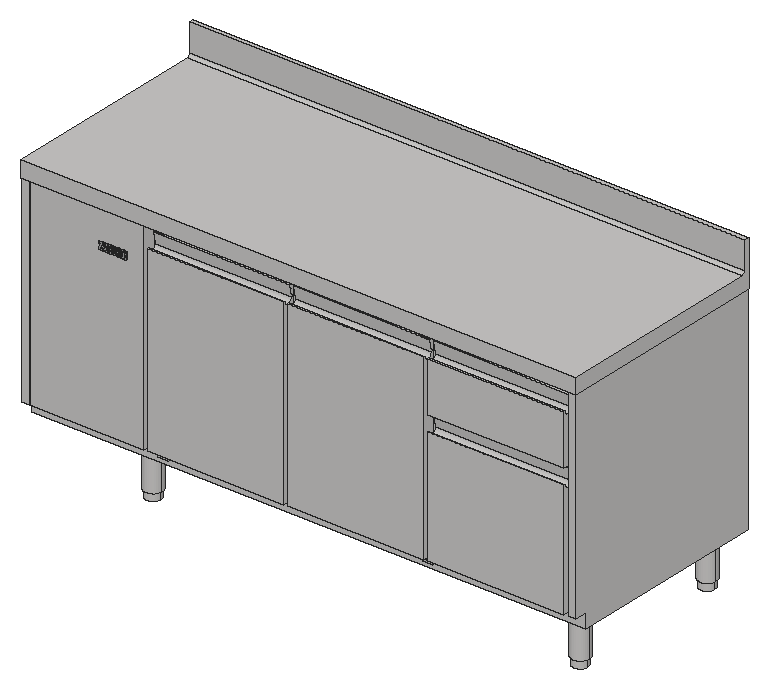
Revit family "QF_ZANUSSI_111046_ZH3H3AAD", category Specialty Equipment, Revit 2018 (continued)
Definition of nested family "ZAN_Cooling Unit"
  Lines and regions (mm)
    Split face 123
      outline origin (55.016, 2, -221.122) x (0, 0, 1) y (-1, 0, 0)
        loop
          arc (510.649, 158.547) -> (506.648, 162.548) -> (502.647, 158.547) r 4.001
          line (502.647, 158.547) -> (502.647, 116.535)
          arc (502.647, 116.535) -> (506.648, 112.533) -> (510.649, 116.535) r 4.001
          line (510.649, 116.535) -> (510.649, 158.547)
    Split face 124
      outline origin (55.016, 2, -233.126) x (0, 0, 1) y (-1, 0, 0)
        loop
          arc (510.649, 158.547) -> (506.648, 162.548) -> (502.647, 158.547) r 4.001
          line (502.647, 158.547) -> (502.647, 116.535)
          arc (502.647, 116.535) -> (506.648, 112.533) -> (510.649, 116.535) r 4.001
          line (510.649, 116.535) -> (510.649, 158.547)
    Split face 125
      outline origin (55.016, 2, -245.129) x (0, 0, 1) y (-1, 0, 0)
        loop
          arc (510.649, 158.547) -> (506.648, 162.548) -> (502.647, 158.547) r 4.001
          line (502.647, 158.547) -> (502.647, 116.535)
          arc (502.647, 116.535) -> (506.648, 112.533) -> (510.649, 116.535) r 4.001
          line (510.649, 116.535) -> (510.649, 158.547)
    Split face 126
      outline origin (55.016, 2, -257.133) x (0, 0, 1) y (-1, 0, 0)
        loop
          arc (510.649, 158.547) -> (506.648, 162.548) -> (502.647, 158.547) r 4.001
          line (502.647, 158.547) -> (502.647, 116.535)
          arc (502.647, 116.535) -> (506.648, 112.533) -> (510.649, 116.535) r 4.001
          line (510.649, 116.535) -> (510.649, 158.547)
    Split face 127
      outline origin (55.016, 2, -269.136) x (0, 0, 1) y (-1, 0, 0)
        loop
          arc (510.649, 158.547) -> (506.648, 162.548) -> (502.647, 158.547) r 4.001
          line (502.647, 158.547) -> (502.647, 116.535)
          arc (502.647, 116.535) -> (506.648, 112.533) -> (510.649, 116.535) r 4.001
          line (510.649, 116.535) -> (510.649, 158.547)
    Split face 128
      outline origin (55.016, 2, -281.14) x (0, 0, 1) y (-1, 0, 0)
        loop
          arc (510.649, 158.547) -> (506.648, 162.548) -> (502.647, 158.547) r 4.001
          line (502.647, 158.547) -> (502.647, 116.535)
          arc (502.647, 116.535) -> (506.648, 112.533) -> (510.649, 116.535) r 4.001
          line (510.649, 116.535) -> (510.649, 158.547)
    Split face 129
      outline origin (55.016, 2, -293.144) x (0, 0, 1) y (-1, 0, 0)
        loop
          arc (510.649, 158.547) -> (506.648, 162.548) -> (502.647, 158.547) r 4.001
          line (502.647, 158.547) -> (502.647, 116.535)
          arc (502.647, 116.535) -> (506.648, 112.533) -> (510.649, 116.535) r 4.001
          line (510.649, 116.535) -> (510.649, 158.547)
    Split face 130
      outline origin (110.032, 2, -113.091) x (0, 0, 1) y (-1, 0, 0)
        loop
          arc (510.649, 158.547) -> (506.648, 162.548) -> (502.647, 158.547) r 4.001
          line (502.647, 158.547) -> (502.647, 116.535)
          arc (502.647, 116.535) -> (506.648, 112.533) -> (510.649, 116.535) r 4.001
          line (510.649, 116.535) -> (510.649, 158.547)
    Split face 131
      outline origin (110.032, 2, -125.094) x (0, 0, 1) y (-1, 0, 0)
        loop
          arc (510.649, 158.547) -> (506.648, 162.548) -> (502.647, 158.547) r 4.001
          line (502.647, 158.547) -> (502.647, 116.535)
          arc (502.647, 116.535) -> (506.648, 112.533) -> (510.649, 116.535) r 4.001
          line (510.649, 116.535) -> (510.649, 158.547)
    Split face 132
      outline origin (110.032, 2, -137.098) x (0, 0, 1) y (-1, 0, 0)
        loop
          arc (510.649, 158.547) -> (506.648, 162.548) -> (502.647, 158.547) r 4.001
          line (502.647, 158.547) -> (502.647, 116.535)
          arc (502.647, 116.535) -> (506.648, 112.533) -> (510.649, 116.535) r 4.001
          line (510.649, 116.535) -> (510.649, 158.547)
    Split face 133
      outline origin (110.032, 2, -149.101) x (0, 0, 1) y (-1, 0, 0)
        loop
          arc (510.649, 158.547) -> (506.648, 162.548) -> (502.647, 158.547) r 4.001
          line (502.647, 158.547) -> (502.647, 116.535)
          arc (502.647, 116.535) -> (506.648, 112.533) -> (510.649, 116.535) r 4.001
          line (510.649, 116.535) -> (510.649, 158.547)
    Split face 134
      outline origin (110.032, 2, -161.105) x (0, 0, 1) y (-1, 0, 0)
        loop
          arc (510.649, 158.547) -> (506.648, 162.548) -> (502.647, 158.547) r 4.001
          line (502.647, 158.547) -> (502.647, 116.535)
          arc (502.647, 116.535) -> (506.648, 112.533) -> (510.649, 116.535) r 4.001
          line (510.649, 116.535) -> (510.649, 158.547)
    Split face 135
      outline origin (110.032, 2, -173.108) x (0, 0, 1) y (-1, 0, 0)
        loop
          arc (510.649, 158.547) -> (506.648, 162.548) -> (502.647, 158.547) r 4.001
          line (502.647, 158.547) -> (502.647, 116.535)
          arc (502.647, 116.535) -> (506.648, 112.533) -> (510.649, 116.535) r 4.001
          line (510.649, 116.535) -> (510.649, 158.547)
    Split face 136
      outline origin (110.032, 2, -185.112) x (0, 0, 1) y (-1, 0, 0)
        loop
          arc (510.649, 158.547) -> (506.648, 162.548) -> (502.647, 158.547) r 4.001
          line (502.647, 158.547) -> (502.647, 116.535)
          arc (502.647, 116.535) -> (506.648, 112.533) -> (510.649, 116.535) r 4.001
          line (510.649, 116.535) -> (510.649, 158.547)
    Split face 137
      outline origin (110.032, 2, -197.115) x (0, 0, 1) y (-1, 0, 0)
        loop
          arc (510.649, 158.547) -> (506.648, 162.548) -> (502.647, 158.547) r 4.001
          line (502.647, 158.547) -> (502.647, 116.535)
          arc (502.647, 116.535) -> (506.648, 112.533) -> (510.649, 116.535) r 4.001
          line (510.649, 116.535) -> (510.649, 158.547)
    Split face 138
      outline origin (110.032, 2, -209.119) x (0, 0, 1) y (-1, 0, 0)
        loop
          arc (510.649, 158.547) -> (506.648, 162.548) -> (502.647, 158.547) r 4.001
          line (502.647, 158.547) -> (502.647, 116.535)
          arc (502.647, 116.535) -> (506.648, 112.533) -> (510.649, 116.535) r 4.001
          line (510.649, 116.535) -> (510.649, 158.547)
    Split face 139
      outline origin (110.032, 2, -221.122) x (0, 0, 1) y (-1, 0, 0)
        loop
          arc (510.649, 158.547) -> (506.648, 162.548) -> (502.647, 158.547) r 4.001
          line (502.647, 158.547) -> (502.647, 116.535)
          arc (502.647, 116.535) -> (506.648, 112.533) -> (510.649, 116.535) r 4.001
          line (510.649, 116.535) -> (510.649, 158.547)
    Split face 140
      outline origin (110.032, 2, -233.126) x (0, 0, 1) y (-1, 0, 0)
        loop
          arc (510.649, 158.547) -> (506.648, 162.548) -> (502.647, 158.547) r 4.001
          line (502.647, 158.547) -> (502.647, 116.535)
          arc (502.647, 116.535) -> (506.648, 112.533) -> (510.649, 116.535) r 4.001
          line (510.649, 116.535) -> (510.649, 158.547)
    Split face 141
      outline origin (110.032, 2, -245.129) x (0, 0, 1) y (-1, 0, 0)
        loop
          arc (510.649, 158.547) -> (506.648, 162.548) -> (502.647, 158.547) r 4.001
          line (502.647, 158.547) -> (502.647, 116.535)
          arc (502.647, 116.535) -> (506.648, 112.533) -> (510.649, 116.535) r 4.001
          line (510.649, 116.535) -> (510.649, 158.547)
    Split face 142
      outline origin (110.032, 2, -257.133) x (0, 0, 1) y (-1, 0, 0)
        loop
          arc (510.649, 158.547) -> (506.648, 162.548) -> (502.647, 158.547) r 4.001
          line (502.647, 158.547) -> (502.647, 116.535)
          arc (502.647, 116.535) -> (506.648, 112.533) -> (510.649, 116.535) r 4.001
          line (510.649, 116.535) -> (510.649, 158.547)
    Split face 143
      outline origin (110.032, 2, -269.136) x (0, 0, 1) y (-1, 0, 0)
        loop
          arc (510.649, 158.547) -> (506.648, 162.548) -> (502.647, 158.547) r 4.001
          line (502.647, 158.547) -> (502.647, 116.535)
          arc (502.647, 116.535) -> (506.648, 112.533) -> (510.649, 116.535) r 4.001
          line (510.649, 116.535) -> (510.649, 158.547)
    Split face 144
      outline origin (110.032, 2, -281.14) x (0, 0, 1) y (-1, 0, 0)
        loop
          arc (510.649, 158.547) -> (506.648, 162.548) -> (502.647, 158.547) r 4.001
          line (502.647, 158.547) -> (502.647, 116.535)
          arc (502.647, 116.535) -> (506.648, 112.533) -> (510.649, 116.535) r 4.001
          line (510.649, 116.535) -> (510.649, 158.547)
    Split face 145
      outline origin (110.032, 2, -293.144) x (0, 0, 1) y (-1, 0, 0)
        loop
          arc (510.649, 158.547) -> (506.648, 162.548) -> (502.647, 158.547) r 4.001
          line (502.647, 158.547) -> (502.647, 116.535)
          arc (502.647, 116.535) -> (506.648, 112.533) -> (510.649, 116.535) r 4.001
          line (510.649, 116.535) -> (510.649, 158.547)
    Split face 146
      outline origin (165.048, 2, -113.091) x (0, 0, 1) y (-1, 0, 0)
        loop
          arc (510.649, 158.547) -> (506.648, 162.548) -> (502.647, 158.547) r 4.001
          line (502.647, 158.547) -> (502.647, 116.535)
          arc (502.647, 116.535) -> (506.648, 112.533) -> (510.649, 116.535) r 4.001
          line (510.649, 116.535) -> (510.649, 158.547)
    Split face 147
      outline origin (165.048, 2, -125.094) x (0, 0, 1) y (-1, 0, 0)
        loop
          arc (510.649, 158.547) -> (506.648, 162.548) -> (502.647, 158.547) r 4.001
          line (502.647, 158.547) -> (502.647, 116.535)
          arc (502.647, 116.535) -> (506.648, 112.533) -> (510.649, 116.535) r 4.001
          line (510.649, 116.535) -> (510.649, 158.547)
    Split face 148
      outline origin (165.048, 2, -137.098) x (0, 0, 1) y (-1, 0, 0)
        loop
          arc (510.649, 158.547) -> (506.648, 162.548) -> (502.647, 158.547) r 4.001
          line (502.647, 158.547) -> (502.647, 116.535)
          arc (502.647, 116.535) -> (506.648, 112.533) -> (510.649, 116.535) r 4.001
          line (510.649, 116.535) -> (510.649, 158.547)
    Split face 149
      outline origin (165.048, 2, -149.101) x (0, 0, 1) y (-1, 0, 0)
        loop
          arc (510.649, 158.547) -> (506.648, 162.548) -> (502.647, 158.547) r 4.001
          line (502.647, 158.547) -> (502.647, 116.535)
          arc (502.647, 116.535) -> (506.648, 112.533) -> (510.649, 116.535) r 4.001
          line (510.649, 116.535) -> (510.649, 158.547)
    Split face 150
      outline origin (165.048, 2, -161.105) x (0, 0, 1) y (-1, 0, 0)
        loop
          arc (510.649, 158.547) -> (506.648, 162.548) -> (502.647, 158.547) r 4.001
          line (502.647, 158.547) -> (502.647, 116.535)
          arc (502.647, 116.535) -> (506.648, 112.533) -> (510.649, 116.535) r 4.001
          line (510.649, 116.535) -> (510.649, 158.547)
    Split face 151
      outline origin (165.048, 2, -173.108) x (0, 0, 1) y (-1, 0, 0)
        loop
          arc (510.649, 158.547) -> (506.648, 162.548) -> (502.647, 158.547) r 4.001
          line (502.647, 158.547) -> (502.647, 116.535)
          arc (502.647, 116.535) -> (506.648, 112.533) -> (510.649, 116.535) r 4.001
          line (510.649, 116.535) -> (510.649, 158.547)
    Split face 152
      outline origin (165.048, 2, -185.112) x (0, 0, 1) y (-1, 0, 0)
        loop
          arc (510.649, 158.547) -> (506.648, 162.548) -> (502.647, 158.547) r 4.001
          line (502.647, 158.547) -> (502.647, 116.535)
          arc (502.647, 116.535) -> (506.648, 112.533) -> (510.649, 116.535) r 4.001
          line (510.649, 116.535) -> (510.649, 158.547)
    Split face 153
      outline origin (165.048, 2, -197.115) x (0, 0, 1) y (-1, 0, 0)
        loop
          arc (510.649, 158.547) -> (506.648, 162.548) -> (502.647, 158.547) r 4.001
          line (502.647, 158.547) -> (502.647, 116.535)
          arc (502.647, 116.535) -> (506.648, 112.533) -> (510.649, 116.535) r 4.001
          line (510.649, 116.535) -> (510.649, 158.547)
    Split face 154
      outline origin (165.048, 2, -209.119) x (0, 0, 1) y (-1, 0, 0)
        loop
          arc (510.649, 158.547) -> (506.648, 162.548) -> (502.647, 158.547) r 4.001
          line (502.647, 158.547) -> (502.647, 116.535)
          arc (502.647, 116.535) -> (506.648, 112.533) -> (510.649, 116.535) r 4.001
          line (510.649, 116.535) -> (510.649, 158.547)
    Split face 155
      outline origin (165.048, 2, -221.122) x (0, 0, 1) y (-1, 0, 0)
        loop
          arc (510.649, 158.547) -> (506.648, 162.548) -> (502.647, 158.547) r 4.001
          line (502.647, 158.547) -> (502.647, 116.535)
          arc (502.647, 116.535) -> (506.648, 112.533) -> (510.649, 116.535) r 4.001
          line (510.649, 116.535) -> (510.649, 158.547)
    Split face 156
      outline origin (165.048, 2, -233.126) x (0, 0, 1) y (-1, 0, 0)
        loop
          arc (510.649, 158.547) -> (506.648, 162.548) -> (502.647, 158.547) r 4.001
          line (502.647, 158.547) -> (502.647, 116.535)
          arc (502.647, 116.535) -> (506.648, 112.533) -> (510.649, 116.535) r 4.001
          line (510.649, 116.535) -> (510.649, 158.547)
    Split face 157
      outline origin (165.048, 2, -245.129) x (0, 0, 1) y (-1, 0, 0)
        loop
          arc (510.649, 158.547) -> (506.648, 162.548) -> (502.647, 158.547) r 4.001
          line (502.647, 158.547) -> (502.647, 116.535)
          arc (502.647, 116.535) -> (506.648, 112.533) -> (510.649, 116.535) r 4.001
          line (510.649, 116.535) -> (510.649, 158.547)
    Split face 158
      outline origin (165.048, 2, -257.133) x (0, 0, 1) y (-1, 0, 0)
        loop
          arc (510.649, 158.547) -> (506.648, 162.548) -> (502.647, 158.547) r 4.001
          line (502.647, 158.547) -> (502.647, 116.535)
          arc (502.647, 116.535) -> (506.648, 112.533) -> (510.649, 116.535) r 4.001
          line (510.649, 116.535) -> (510.649, 158.547)
    Split face 159
      outline origin (165.048, 2, -269.136) x (0, 0, 1) y (-1, 0, 0)
        loop
          arc (510.649, 158.547) -> (506.648, 162.548) -> (502.647, 158.547) r 4.001
          line (502.647, 158.547) -> (502.647, 116.535)
          arc (502.647, 116.535) -> (506.648, 112.533) -> (510.649, 116.535) r 4.001
          line (510.649, 116.535) -> (510.649, 158.547)
    Split face 160
      outline origin (165.048, 2, -281.14) x (0, 0, 1) y (-1, 0, 0)
        loop
          arc (510.649, 158.547) -> (506.648, 162.548) -> (502.647, 158.547) r 4.001
          line (502.647, 158.547) -> (502.647, 116.535)
          arc (502.647, 116.535) -> (506.648, 112.533) -> (510.649, 116.535) r 4.001
          line (510.649, 116.535) -> (510.649, 158.547)
    Split face 161
      outline origin (165.048, 2, -293.144) x (0, 0, 1) y (-1, 0, 0)
        loop
          arc (510.649, 158.547) -> (506.648, 162.548) -> (502.647, 158.547) r 4.001
          line (502.647, 158.547) -> (502.647, 116.535)
          arc (502.647, 116.535) -> (506.648, 112.533) -> (510.649, 116.535) r 4.001
          line (510.649, 116.535) -> (510.649, 158.547)
    Split face 162
      outline origin (220.064, 2, -113.091) x (0, 0, 1) y (-1, 0, 0)
        loop
          arc (510.649, 158.547) -> (506.648, 162.548) -> (502.647, 158.547) r 4.001
          line (502.647, 158.547) -> (502.647, 116.535)
          arc (502.647, 116.535) -> (506.648, 112.533) -> (510.649, 116.535) r 4.001
          line (510.649, 116.535) -> (510.649, 158.547)
    Split face 163
      outline origin (220.064, 2, -125.094) x (0, 0, 1) y (-1, 0, 0)
        loop
          arc (510.649, 158.547) -> (506.648, 162.548) -> (502.647, 158.547) r 4.001
          line (502.647, 158.547) -> (502.647, 116.535)
          arc (502.647, 116.535) -> (506.648, 112.533) -> (510.649, 116.535) r 4.001
          line (510.649, 116.535) -> (510.649, 158.547)
    Split face 164
      outline origin (220.064, 2, -137.098) x (0, 0, 1) y (-1, 0, 0)
        loop
          arc (510.649, 158.547) -> (506.648, 162.548) -> (502.647, 158.547) r 4.001
          line (502.647, 158.547) -> (502.647, 116.535)
          arc (502.647, 116.535) -> (506.648, 112.533) -> (510.649, 116.535) r 4.001
          line (510.649, 116.535) -> (510.649, 158.547)
    Split face 165
      outline origin (220.064, 2, -149.101) x (0, 0, 1) y (-1, 0, 0)
        loop
          arc (510.649, 158.547) -> (506.648, 162.548) -> (502.647, 158.547) r 4.001
          line (502.647, 158.547) -> (502.647, 116.535)
          arc (502.647, 116.535) -> (506.648, 112.533) -> (510.649, 116.535) r 4.001
          line (510.649, 116.535) -> (510.649, 158.547)
    Split face 166
      outline origin (220.064, 2, -161.105) x (0, 0, 1) y (-1, 0, 0)
        loop
          arc (510.649, 158.547) -> (506.648, 162.548) -> (502.647, 158.547) r 4.001
          line (502.647, 158.547) -> (502.647, 116.535)
          arc (502.647, 116.535) -> (506.648, 112.533) -> (510.649, 116.535) r 4.001
          line (510.649, 116.535) -> (510.649, 158.547)
    Split face 167
      outline origin (220.064, 2, -173.108) x (0, 0, 1) y (-1, 0, 0)
        loop
          arc (510.649, 158.547) -> (506.648, 162.548) -> (502.647, 158.547) r 4.001
          line (502.647, 158.547) -> (502.647, 116.535)
          arc (502.647, 116.535) -> (506.648, 112.533) -> (510.649, 116.535) r 4.001
          line (510.649, 116.535) -> (510.649, 158.547)
    Split face 168
      outline origin (220.064, 2, -185.112) x (0, 0, 1) y (-1, 0, 0)
        loop
          arc (510.649, 158.547) -> (506.648, 162.548) -> (502.647, 158.547) r 4.001
          line (502.647, 158.547) -> (502.647, 116.535)
          arc (502.647, 116.535) -> (506.648, 112.533) -> (510.649, 116.535) r 4.001
          line (510.649, 116.535) -> (510.649, 158.547)
    Split face 169
      outline origin (220.064, 2, -197.115) x (0, 0, 1) y (-1, 0, 0)
        loop
          arc (510.649, 158.547) -> (506.648, 162.548) -> (502.647, 158.547) r 4.001
          line (502.647, 158.547) -> (502.647, 116.535)
          arc (502.647, 116.535) -> (506.648, 112.533) -> (510.649, 116.535) r 4.001
          line (510.649, 116.535) -> (510.649, 158.547)
    Split face 170
      outline origin (220.064, 2, -209.119) x (0, 0, 1) y (-1, 0, 0)
        loop
          arc (510.649, 158.547) -> (506.648, 162.548) -> (502.647, 158.547) r 4.001
          line (502.647, 158.547) -> (502.647, 116.535)
          arc (502.647, 116.535) -> (506.648, 112.533) -> (510.649, 116.535) r 4.001
          line (510.649, 116.535) -> (510.649, 158.547)
    Split face 171
      outline origin (220.064, 2, -221.122) x (0, 0, 1) y (-1, 0, 0)
        loop
          arc (510.649, 158.547) -> (506.648, 162.548) -> (502.647, 158.547) r 4.001
          line (502.647, 158.547) -> (502.647, 116.535)
          arc (502.647, 116.535) -> (506.648, 112.533) -> (510.649, 116.535) r 4.001
          line (510.649, 116.535) -> (510.649, 158.547)
    Split face 172
      outline origin (220.064, 2, -233.126) x (0, 0, 1) y (-1, 0, 0)
        loop
          arc (510.649, 158.547) -> (506.648, 162.548) -> (502.647, 158.547) r 4.001
          line (502.647, 158.547) -> (502.647, 116.535)
          arc (502.647, 116.535) -> (506.648, 112.533) -> (510.649, 116.535) r 4.001
          line (510.649, 116.535) -> (510.649, 158.547)
    Split face 173
      outline origin (220.064, 2, -245.129) x (0, 0, 1) y (-1, 0, 0)
        loop
          arc (510.649, 158.547) -> (506.648, 162.548) -> (502.647, 158.547) r 4.001
          line (502.647, 158.547) -> (502.647, 116.535)
          arc (502.647, 116.535) -> (506.648, 112.533) -> (510.649, 116.535) r 4.001
          line (510.649, 116.535) -> (510.649, 158.547)
    Split face 174
      outline origin (220.064, 2, -257.133) x (0, 0, 1) y (-1, 0, 0)
        loop
          arc (510.649, 158.547) -> (506.648, 162.548) -> (502.647, 158.547) r 4.001
          line (502.647, 158.547) -> (502.647, 116.535)
          arc (502.647, 116.535) -> (506.648, 112.533) -> (510.649, 116.535) r 4.001
          line (510.649, 116.535) -> (510.649, 158.547)
    Split face 175
      outline origin (220.064, 2, -269.136) x (0, 0, 1) y (-1, 0, 0)
        loop
          arc (510.649, 158.547) -> (506.648, 162.548) -> (502.647, 158.547) r 4.001
          line (502.647, 158.547) -> (502.647, 116.535)
          arc (502.647, 116.535) -> (506.648, 112.533) -> (510.649, 116.535) r 4.001
          line (510.649, 116.535) -> (510.649, 158.547)
    Split face 176
      outline origin (220.064, 2, -281.14) x (0, 0, 1) y (-1, 0, 0)
        loop
          arc (510.649, 158.547) -> (506.648, 162.548) -> (502.647, 158.547) r 4.001
          line (502.647, 158.547) -> (502.647, 116.535)
          arc (502.647, 116.535) -> (506.648, 112.533) -> (510.649, 116.535) r 4.001
          line (510.649, 116.535) -> (510.649, 158.547)
    Split face 177
      outline origin (220.064, 2, -293.144) x (0, 0, 1) y (-1, 0, 0)
        loop
          arc (510.649, 158.547) -> (506.648, 162.548) -> (502.647, 158.547) r 4.001
          line (502.647, 158.547) -> (502.647, 116.535)
          arc (502.647, 116.535) -> (506.648, 112.533) -> (510.649, 116.535) r 4.001
          line (510.649, 116.535) -> (510.649, 158.547)
    Split face 178
      outline origin (275.081, 2, -113.091) x (0, 0, 1) y (-1, 0, 0)
        loop
          arc (510.649, 158.547) -> (506.648, 162.548) -> (502.647, 158.547) r 4.001
          line (502.647, 158.547) -> (502.647, 116.535)
          arc (502.647, 116.535) -> (506.648, 112.533) -> (510.649, 116.535) r 4.001
          line (510.649, 116.535) -> (510.649, 158.547)
    Split face 179
      outline origin (275.081, 2, -125.094) x (0, 0, 1) y (-1, 0, 0)
        loop
          arc (510.649, 158.547) -> (506.648, 162.548) -> (502.647, 158.547) r 4.001
          line (502.647, 158.547) -> (502.647, 116.535)
          arc (502.647, 116.535) -> (506.648, 112.533) -> (510.649, 116.535) r 4.001
          line (510.649, 116.535) -> (510.649, 158.547)
    Split face 180
      outline origin (275.081, 2, -137.098) x (0, 0, 1) y (-1, 0, 0)
        loop
          arc (510.649, 158.547) -> (506.648, 162.548) -> (502.647, 158.547) r 4.001
          line (502.647, 158.547) -> (502.647, 116.535)
          arc (502.647, 116.535) -> (506.648, 112.533) -> (510.649, 116.535) r 4.001
          line (510.649, 116.535) -> (510.649, 158.547)
    Split face 181
      outline origin (275.081, 2, -149.101) x (0, 0, 1) y (-1, 0, 0)
        loop
          arc (510.649, 158.547) -> (506.648, 162.548) -> (502.647, 158.547) r 4.001
          line (502.647, 158.547) -> (502.647, 116.535)
          arc (502.647, 116.535) -> (506.648, 112.533) -> (510.649, 116.535) r 4.001
          line (510.649, 116.535) -> (510.649, 158.547)
    Split face 182
      outline origin (275.081, 2, -161.105) x (0, 0, 1) y (-1, 0, 0)
        loop
          arc (510.649, 158.547) -> (506.648, 162.548) -> (502.647, 158.547) r 4.001
          line (502.647, 158.547) -> (502.647, 116.535)
          arc (502.647, 116.535) -> (506.648, 112.533) -> (510.649, 116.535) r 4.001
          line (510.649, 116.535) -> (510.649, 158.547)
    Split face 183
      outline origin (275.081, 2, -173.108) x (0, 0, 1) y (-1, 0, 0)
        loop
          arc (510.649, 158.547) -> (506.648, 162.548) -> (502.647, 158.547) r 4.001
          line (502.647, 158.547) -> (502.647, 116.535)
          arc (502.647, 116.535) -> (506.648, 112.533) -> (510.649, 116.535) r 4.001
          line (510.649, 116.535) -> (510.649, 158.547)
    Split face 184
      outline origin (275.081, 2, -185.112) x (0, 0, 1) y (-1, 0, 0)
        loop
          arc (510.649, 158.547) -> (506.648, 162.548) -> (502.647, 158.547) r 4.001
          line (502.647, 158.547) -> (502.647, 116.535)
          arc (502.647, 116.535) -> (506.648, 112.533) -> (510.649, 116.535) r 4.001
          line (510.649, 116.535) -> (510.649, 158.547)
    Split face 185
      outline origin (275.081, 2, -197.115) x (0, 0, 1) y (-1, 0, 0)
        loop
          arc (510.649, 158.547) -> (506.648, 162.548) -> (502.647, 158.547) r 4.001
          line (502.647, 158.547) -> (502.647, 116.535)
          arc (502.647, 116.535) -> (506.648, 112.533) -> (510.649, 116.535) r 4.001
          line (510.649, 116.535) -> (510.649, 158.547)
    Split face 186
      outline origin (275.081, 2, -209.119) x (0, 0, 1) y (-1, 0, 0)
        loop
          arc (510.649, 158.547) -> (506.648, 162.548) -> (502.647, 158.547) r 4.001
          line (502.647, 158.547) -> (502.647, 116.535)
          arc (502.647, 116.535) -> (506.648, 112.533) -> (510.649, 116.535) r 4.001
          line (510.649, 116.535) -> (510.649, 158.547)
    Split face 187
      outline origin (275.081, 2, -221.122) x (0, 0, 1) y (-1, 0, 0)
        loop
          arc (510.649, 158.547) -> (506.648, 162.548) -> (502.647, 158.547) r 4.001
          line (502.647, 158.547) -> (502.647, 116.535)
          arc (502.647, 116.535) -> (506.648, 112.533) -> (510.649, 116.535) r 4.001
          line (510.649, 116.535) -> (510.649, 158.547)
    Split face 188
      outline origin (275.081, 2, -233.126) x (0, 0, 1) y (-1, 0, 0)
        loop
          arc (510.649, 158.547) -> (506.648, 162.548) -> (502.647, 158.547) r 4.001
          line (502.647, 158.547) -> (502.647, 116.535)
          arc (502.647, 116.535) -> (506.648, 112.533) -> (510.649, 116.535) r 4.001
          line (510.649, 116.535) -> (510.649, 158.547)
    Split face 189
      outline origin (275.081, 2, -245.129) x (0, 0, 1) y (-1, 0, 0)
        loop
          arc (510.649, 158.547) -> (506.648, 162.548) -> (502.647, 158.547) r 4.001
          line (502.647, 158.547) -> (502.647, 116.535)
          arc (502.647, 116.535) -> (506.648, 112.533) -> (510.649, 116.535) r 4.001
          line (510.649, 116.535) -> (510.649, 158.547)
    Split face 190
      outline origin (275.081, 2, -257.133) x (0, 0, 1) y (-1, 0, 0)
        loop
          arc (510.649, 158.547) -> (506.648, 162.548) -> (502.647, 158.547) r 4.001
          line (502.647, 158.547) -> (502.647, 116.535)
          arc (502.647, 116.535) -> (506.648, 112.533) -> (510.649, 116.535) r 4.001
          line (510.649, 116.535) -> (510.649, 158.547)
    Split face 191
      outline origin (275.081, 2, -269.136) x (0, 0, 1) y (-1, 0, 0)
        loop
          arc (510.649, 158.547) -> (506.648, 162.548) -> (502.647, 158.547) r 4.001
          line (502.647, 158.547) -> (502.647, 116.535)
          arc (502.647, 116.535) -> (506.648, 112.533) -> (510.649, 116.535) r 4.001
          line (510.649, 116.535) -> (510.649, 158.547)
    Split face 192
      outline origin (275.081, 2, -281.14) x (0, 0, 1) y (-1, 0, 0)
        loop
          arc (510.649, 158.547) -> (506.648, 162.548) -> (502.647, 158.547) r 4.001
          line (502.647, 158.547) -> (502.647, 116.535)
          arc (502.647, 116.535) -> (506.648, 112.533) -> (510.649, 116.535) r 4.001
          line (510.649, 116.535) -> (510.649, 158.547)
    Split face 193
      outline origin (275.081, 2, -293.144) x (0, 0, 1) y (-1, 0, 0)
        loop
          arc (510.649, 158.547) -> (506.648, 162.548) -> (502.647, 158.547) r 4.001
          line (502.647, 158.547) -> (502.647, 116.535)
          arc (502.647, 116.535) -> (506.648, 112.533) -> (510.649, 116.535) r 4.001
          line (510.649, 116.535) -> (510.649, 158.547)
    Split face 194
      outline origin (0, 2, 197) x (0, 0, 1) y (-1, 0, 0)
        loop
          spline (566.835, 20.381) -> (564.628, 19.058) -> (561.987, 18.027) -> (558.955, 17.386) -> (555.581, 17.244) -> (551.912, 17.703) -> (547.993, 18.863) -> (543.871, 20.83) -> (539.591, 23.706) -> (535.202, 27.594) -> (530.748, 32.597) -> (526.28, 38.824) -> (521.835, 46.362)
        loop
          spline (521.835, 58.392) -> (525.386, 49.242) -> (529.197, 41.481) -> (533.2, 35.023) -> (537.329, 29.786) -> (541.516, 25.684) -> (545.695, 22.634) -> (549.798, 20.552) -> (553.759, 19.355) -> (557.511, 18.958) -> (560.984, 19.275) -> (564.115, 20.227) -> (566.835, 21.726)
    Split face 195
      outline origin (0, 2, 197) x (0, 0, 1) y (-1, 0, 0)
        loop
          line (555.835, 149.5) -> (532.835, 149.5) -> (532.835, 94.5) -> (555.835, 94.5) -> (555.835, 149.5)
  Dimensions and locks
    aligned and locked: level to plane 2
  Nested families
    nested 1: "ZAN_Logo_S_Grey" at (85, 2, 741.213) x (1, 0, 0) z (0, -1, 0), visible <- "Show Logo", type "ZAN_Logo_S_Grey"
  Definition of nested family "ZAN_Logo_S_Grey"
    Parameters
      Default Elevation = 0 mm
    Reference planes
      plane 1 "Centro (Fronte/Retro)": y = 0
      plane 2: z = 0
      plane 3 "Centro (Sinistra/Destra)": x = 0
    Forms (mm)
      Extrusion 1, solid
        sketch origin (0, 0, 0) x (1, 0, 0) y (0, 1, 0)
          loop
            line (-1219.2, 1219.2) -> (-1219.2, -1219.2) -> (1219.2, -1219.2) -> (1219.2, 1219.2) -> (-1219.2, 1219.2)
        from 0 to -304.8
      Extrusion 2, solid
        sketch origin (17.793, -46.218, 0) x (-1, 0, 0) y (0, -1, 0)
          loop
            spline (-4.176, -58.079) -> (-3.496, -58.328) -> (-2.793, -58.512) -> (-2.075, -58.63) -> (-1.348, -58.682) -> (-0.619, -58.669) -> (0.106, -58.588) -> (0.818, -58.44) -> (1.512, -58.225) -> (2.18, -57.941) -> (2.817, -57.589) -> (3.414, -57.167) -> (3.966, -56.676)
            spline (3.966, -56.676) -> (4.293, -56.162) -> (4.575, -55.61) -> (4.81, -55.026) -> (5, -54.419) -> (5.146, -53.797) -> (5.247, -53.166) -> (5.304, -52.536) -> (5.318, -51.913) -> (5.288, -51.306) -> (5.217, -50.723) -> (5.103, -50.17) -> (4.949, -49.657)
            line (4.949, -49.657) -> (2.702, -46.428) -> (0.316, -44.323)
            spline (0.316, -44.323) -> (0.065, -44.115) -> (-0.195, -43.909) -> (-0.46, -43.704) -> (-0.729, -43.496) -> (-0.997, -43.282) -> (-1.263, -43.059) -> (-1.523, -42.825) -> (-1.774, -42.576) -> (-2.013, -42.309) -> (-2.238, -42.022) -> (-2.445, -41.712) -> (-2.632, -41.375)
            spline (-2.632, -41.375) -> (-2.666, -41.159) -> (-2.697, -40.934) -> (-2.722, -40.701) -> (-2.736, -40.465) -> (-2.736, -40.227) -> (-2.72, -39.989) -> (-2.682, -39.754) -> (-2.621, -39.524) -> (-2.533, -39.302) -> (-2.414, -39.091) -> (-2.261, -38.892) -> (-2.07, -38.708)
            line (-2.07, -38.708) -> (-0.245, -38.567)
            spline (-0.245, -38.567) -> (0.096, -38.8) -> (0.354, -39.074) -> (0.54, -39.381) -> (0.664, -39.716) -> (0.738, -40.073) -> (0.772, -40.445) -> (0.777, -40.825) -> (0.763, -41.208) -> (0.742, -41.588) -> (0.723, -41.957) -> (0.718, -42.309) -> (0.737, -42.638)
            line (0.737, -42.638) -> (5.65, -42.638)
            spline (5.65, -42.638) -> (5.708, -42.042) -> (5.741, -41.448) -> (5.747, -40.857) -> (5.723, -40.273) -> (5.668, -39.696) -> (5.58, -39.129) -> (5.457, -38.574) -> (5.297, -38.032) -> (5.098, -37.506) -> (4.857, -36.997) -> (4.574, -36.508) -> (4.247, -36.041)
            spline (4.247, -36.041) -> (3.844, -35.675) -> (3.409, -35.35) -> (2.946, -35.065) -> (2.458, -34.819) -> (1.949, -34.612) -> (1.421, -34.444) -> (0.88, -34.314) -> (0.326, -34.221) -> (-0.234, -34.165) -> (-0.8, -34.146) -> (-1.366, -34.163) -> (-1.93, -34.216)
            spline (-1.93, -34.216) -> (-2.526, -34.309) -> (-3.116, -34.448) -> (-3.695, -34.633) -> (-4.259, -34.861) -> (-4.801, -35.131) -> (-5.316, -35.444) -> (-5.799, -35.798) -> (-6.245, -36.191) -> (-6.648, -36.624) -> (-7.002, -37.095) -> (-7.303, -37.603) -> (-7.545, -38.146)
            spline (-7.545, -38.146) -> (-7.694, -38.815) -> (-7.792, -39.487) -> (-7.839, -40.158) -> (-7.836, -40.824) -> (-7.785, -41.482) -> (-7.685, -42.129) -> (-7.539, -42.762) -> (-7.347, -43.377) -> (-7.111, -43.97) -> (-6.83, -44.538) -> (-6.506, -45.078) -> (-6.141, -45.586)
            line (-6.141, -45.586) -> (-0.526, -50.64) -> (0.176, -51.482)
            spline (0.176, -51.482) -> (0.248, -51.66) -> (0.323, -51.843) -> (0.397, -52.03) -> (0.467, -52.22) -> (0.529, -52.412) -> (0.579, -52.605) -> (0.615, -52.798) -> (0.633, -52.989) -> (0.63, -53.179) -> (0.601, -53.366) -> (0.545, -53.55) -> (0.456, -53.728)
            spline (0.456, -53.728) -> (0.375, -53.892) -> (0.273, -54.034) -> (0.154, -54.155) -> (0.02, -54.258) -> (-0.126, -54.343) -> (-0.28, -54.412) -> (-0.441, -54.466) -> (-0.604, -54.508) -> (-0.767, -54.537) -> (-0.928, -54.556) -> (-1.082, -54.567) -> (-1.228, -54.57)
            line (-1.228, -54.57) -> (-2.632, -53.587) -> (-2.772, -50.64) -> (-7.405, -50.64)
            spline (-7.405, -50.64) -> (-7.41, -51.031) -> (-7.423, -51.432) -> (-7.44, -51.839) -> (-7.456, -52.251) -> (-7.469, -52.665) -> (-7.475, -53.079) -> (-7.468, -53.489) -> (-7.446, -53.894) -> (-7.404, -54.291) -> (-7.339, -54.679) -> (-7.247, -55.053) -> (-7.123, -55.412)
            spline (-7.123, -55.412) -> (-6.999, -55.693) -> (-6.837, -55.97) -> (-6.643, -56.244) -> (-6.422, -56.509) -> (-6.177, -56.765) -> (-5.913, -57.009) -> (-5.634, -57.238) -> (-5.346, -57.45) -> (-5.051, -57.643) -> (-4.755, -57.814) -> (-4.462, -57.96) -> (-4.176, -58.079)
          loop
            spline (-21.021, -55.552) -> (-20.633, -56.181) -> (-20.177, -56.736) -> (-19.661, -57.217) -> (-19.092, -57.627) -> (-18.478, -57.966) -> (-17.827, -58.237) -> (-17.147, -58.441) -> (-16.446, -58.578) -> (-15.73, -58.652) -> (-15.009, -58.662) -> (-14.29, -58.611) -> (-13.581, -58.5)
            spline (-13.581, -58.5) -> (-13.088, -58.407) -> (-12.595, -58.269) -> (-12.109, -58.088) -> (-11.636, -57.866) -> (-11.183, -57.605) -> (-10.756, -57.307) -> (-10.361, -56.974) -> (-10.004, -56.608) -> (-9.692, -56.211) -> (-9.431, -55.784) -> (-9.228, -55.33) -> (-9.089, -54.851)
            spline (-9.089, -54.851) -> (-8.873, -54.211) -> (-8.715, -53.559) -> (-8.615, -52.901) -> (-8.574, -52.241) -> (-8.592, -51.585) -> (-8.668, -50.938) -> (-8.802, -50.306) -> (-8.995, -49.693) -> (-9.247, -49.106) -> (-9.557, -48.55) -> (-9.925, -48.03) -> (-10.352, -47.551)
            line (-10.352, -47.551) -> (-15.546, -42.919) -> (-16.669, -41.234)
            spline (-16.669, -41.234) -> (-16.704, -41.021) -> (-16.735, -40.804) -> (-16.761, -40.583) -> (-16.778, -40.361) -> (-16.784, -40.139) -> (-16.774, -39.919) -> (-16.748, -39.701) -> (-16.7, -39.488) -> (-16.63, -39.28) -> (-16.533, -39.08) -> (-16.406, -38.889) -> (-16.248, -38.708)
            line (-16.248, -38.708) -> (-14.844, -38.427)
            spline (-14.844, -38.427) -> (-14.347, -38.545) -> (-13.969, -38.749) -> (-13.695, -39.028) -> (-13.508, -39.368) -> (-13.393, -39.757) -> (-13.335, -40.182) -> (-13.318, -40.63) -> (-13.326, -41.089) -> (-13.344, -41.546) -> (-13.356, -41.988) -> (-13.347, -42.403) -> (-13.3, -42.779)
            line (-13.3, -42.779) -> (-8.387, -42.638)
            spline (-8.387, -42.638) -> (-8.326, -42.034) -> (-8.288, -41.417) -> (-8.277, -40.794) -> (-8.299, -40.169) -> (-8.357, -39.548) -> (-8.457, -38.936) -> (-8.604, -38.339) -> (-8.803, -37.762) -> (-9.058, -37.21) -> (-9.375, -36.689) -> (-9.758, -36.204) -> (-10.212, -35.76)
            spline (-10.212, -35.76) -> (-10.793, -35.336) -> (-11.409, -34.976) -> (-12.054, -34.679) -> (-12.723, -34.445) -> (-13.409, -34.273) -> (-14.107, -34.163) -> (-14.811, -34.115) -> (-15.515, -34.127) -> (-16.213, -34.2) -> (-16.899, -34.333) -> (-17.568, -34.526) -> (-18.213, -34.777)
            spline (-18.213, -34.777) -> (-18.496, -34.897) -> (-18.783, -35.044) -> (-19.071, -35.216) -> (-19.357, -35.412) -> (-19.639, -35.629) -> (-19.915, -35.865) -> (-20.182, -36.119) -> (-20.438, -36.389) -> (-20.681, -36.672) -> (-20.907, -36.967) -> (-21.115, -37.272) -> (-21.301, -37.585)
            spline (-21.301, -37.585) -> (-21.55, -38.26) -> (-21.734, -38.948) -> (-21.854, -39.647) -> (-21.91, -40.351) -> (-21.901, -41.057) -> (-21.828, -41.761) -> (-21.69, -42.459) -> (-21.489, -43.148) -> (-21.222, -43.823) -> (-20.892, -44.48) -> (-20.497, -45.116) -> (-20.038, -45.726)
            line (-20.038, -45.726) -> (-14.142, -51.061) -> (-13.44, -52.886) -> (-14.002, -54.289) -> (-15.265, -54.57) -> (-16.669, -53.587) -> (-16.81, -50.78) -> (-21.582, -50.64)
            spline (-21.582, -50.64) -> (-21.558, -51.063) -> (-21.55, -51.491) -> (-21.554, -51.92) -> (-21.561, -52.35) -> (-21.567, -52.778) -> (-21.565, -53.201) -> (-21.547, -53.619) -> (-21.509, -54.029) -> (-21.444, -54.43) -> (-21.345, -54.818) -> (-21.206, -55.193) -> (-21.021, -55.552)
          loop
            line (-22.424, -34.216) -> (-27.337, -34.216) -> (-27.337, -58.22) -> (-22.424, -58.22) -> (-22.424, -34.216)
          loop
            line (14.213, -39.971) -> (14.213, -58.22) -> (19.126, -58.22) -> (19.126, -42.077) -> (18.845, -38.146) -> (18.424, -37.164) -> (17.442, -35.9) -> (16.459, -35.199) -> (14.494, -34.356) -> (13.511, -34.216) -> (11.265, -34.216) -> (10.142, -34.497) -> (8.458, -35.479) -> (6.493, -38.287) -> (6.352, -39.269) -> (6.352, -58.22) -> (11.265, -58.22) -> (11.265, -40.392) -> (11.827, -39.129) -> (13.371, -38.988) -> (14.213, -39.971)
          loop
            line (20.249, -58.22) -> (24.741, -58.22) -> (24.741, -42.919) -> (28.812, -58.22) -> (34.006, -58.22) -> (34.006, -34.216) -> (29.654, -34.216) -> (29.654, -50.078) -> (25.583, -34.216) -> (20.249, -34.216) -> (20.249, -58.22)
          loop
            line (50.149, -58.22) -> (62.361, -58.22) -> (62.361, -53.728) -> (55.904, -53.868) -> (62.923, -39.129) -> (62.923, -34.216) -> (50.149, -34.216) -> (50.149, -39.129) -> (57.517, -39.129) -> (50.149, -54.149) -> (50.149, -58.22)
          loop
            line (38.778, -58.22) -> (45.516, -58.22) -> (49.868, -34.216) -> (44.814, -34.216) -> (44.113, -38.848) -> (40.042, -38.848) -> (39.34, -34.216) -> (34.286, -34.216) -> (38.778, -58.22)
          loop
            line (43.551, -43.2) -> (40.744, -43.2) -> (42.147, -54.117) -> (43.551, -43.2)
        from 0 to 1.644
    Dimensions and locks
      aligned and locked: plane 2 to Extrusion 1
      aligned and locked: level to Extrusion 1
Definition of nested family "Refrigerator"
  Reference planes
    plane 1 "Center (Front/Back)": y = 0
    plane 2: z = 0
    plane 3 "Center (Left/Right)": x = 0
  Lines and regions (mm)
    detail lines, in view "Ref. Level"
      curve 1: spline (-500, 190, 0) -> (-493.185, 166.706, 0) -> (-473.205, 145, 0) -> (-441.421, 126.36, 0) -> (-400, 112.058, 0) -> (-351.764, 103.067, 0) -> (-300, 100, 0) -> (-248.236, 103.067, 0) -> (-200, 112.058, 0) -> (-158.579, 126.36, 0) -> (-126.795, 145, 0) -> (-106.815, 166.706, 0) -> (-100, 190, 0) -> (-106.815, 213.294, 0) -> (-126.795, 235, 0) -> (-158.579, 253.64, 0) -> (-200, 267.942, 0) -> (-248.236, 276.933, 0) -> (-300, 280, 0) -> (-351.764, 276.933, 0) -> (-400, 267.942, 0) -> (-441.421, 253.64, 0) -> (-473.205, 235, 0) -> (-493.185, 213.294, 0) -> (-500, 190, 0)
      curve 2: line (-300, 130, 0) -> (-300, 250, 0)
      curve 3: line (-351.962, 220, 0) -> (-248.038, 160, 0)
      curve 4: line (-351.962, 160, 0) -> (-248.038, 220, 0)
      curve 5: line (-280.884, 246.873, 0) -> (-300, 225, 0)
      curve 6: line (-300, 225, 0) -> (-319.116, 246.873, 0)
      curve 7: line (-330.311, 207.5, 0) -> (-339.696, 234.992, 0)
      curve 8: line (-358.812, 201.882, 0) -> (-330.311, 207.5, 0)
      curve 9: line (-330.311, 172.5, 0) -> (-358.812, 178.118, 0)
      curve 10: line (-339.696, 145.008, 0) -> (-330.311, 172.5, 0)
      curve 11: line (-300, 155, 0) -> (-319.116, 133.127, 0)
      curve 12: line (-280.884, 133.127, 0) -> (-300, 155, 0)
      curve 13: line (-269.689, 172.5, 0) -> (-260.304, 145.008, 0)
      curve 14: line (-241.188, 178.118, 0) -> (-269.689, 172.5, 0)
      curve 15: line (-269.689, 207.5, 0) -> (-241.188, 201.882, 0)
      curve 16: line (-260.304, 234.992, 0) -> (-269.689, 207.5, 0)
